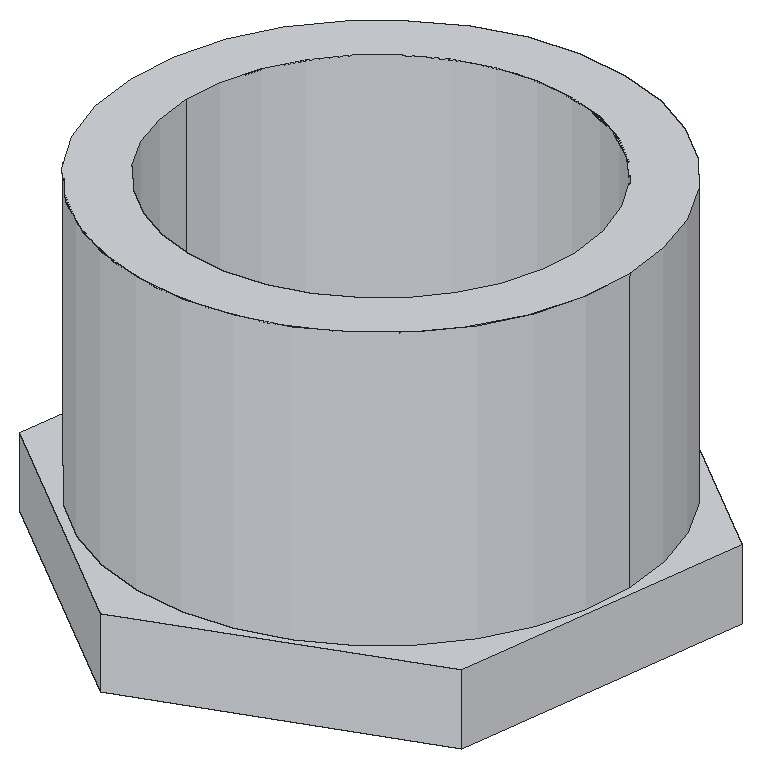
Revit family "HR4G", category Generic Models, Revit 2017
Family settings
  Can host rebar = No
  Round Connector Dimension = Use Diameter
  Part Type = Normal
  Work Plane-Based = Yes
  Always vertical = No
  Cut with Voids When Loaded = No
  Shared = No
  Room Calculation Point = No
Parameters (values of type "NBS Standard Parameters")
  Weight = "0.100Kg"
  WarrantyStartDate [instance] = "1900-12-31T23:59:59"
  WarrantyGuarantorParts = "n/a"
  WarrantyGuarantorLabor = "n/a"
  WarrantyDurationUnit = "1 year"
  WarrantyDurationParts = "n/a"
  WarrantyDurationLabor = "n/a"
  WarrantyDescription = "n/a"
  Version = "1"
  Uniclass2 = "Pr_65_70_11_20"
  TagNumber [instance] = "n/a"
  SustainabilityPerformance = "n/a"
  Size = "32mm"
  Shape = "Circular"
  SerialNumber [instance] = "n/a"
  Revision = "n/a"
  ReplacementCost = "n/a"
  ProductInformation = "www.metpro.co.uk/pdf/hr4g.pdf"
  NominalWidth = 32.8 mm
  NominalLength = 32.8 mm
  NominalHeight = 22.2 mm
  Name = ""
  NBSTypeID = ""
  NBSReference = "90-55-10/460"
  NBSOfficeMasterTag = ""
  NBSNote = ""
  NBSDescription = "Conduit Fittings"
  NBSCertification = ""
  ModelReference = "HR4G"
  ModelNumber = "n/a"
  Material = "Mild Steel"
  ManufacturerURL = "www.metpro.co.uk"
  ManufacturerName = "Metpro Ltd"
  Keynote = "Compliant to LU Standard 1-085"
  InstallationDate [instance] = "1900-12-31T23:59:59"
  IfcExportType = ""
  IfcExportAs = ""
  Grade = "n/a"
  Finish = "BZP"
  Features = "n/a"
  ExpectedLife = "n/a"
  DurationUnit = "year"
  Description = "HR4G  32 - 25mm Conduit Reducer"
  Default Elevation = 1219.2 mm
  Constituents = "n/a"
  Color = "n/a"
  CodePerformance = "n/a"
  Category = "n/a"
  BarCode [instance] = "n/a"
  BIMObjectName = "Metpro_Metprolibrary_Conduitfittings_Metalcomponents_Steelaccessories"
  Author = "Metpro Limited"
  AssetType = ""
  AssetIdentifier [instance] = "n/a"
  AccessibilityPerformance = "n/a"
Reference planes
  plane 1 "Center (Front/Back)": y = 0
  plane 2: z = 0
  plane 3 "Center (Left/Right)": x = 0
Forms (mm)
  Extrusion 1, solid
    sketch origin (-11.449, -7.188, 21.419) x (0, -1, 0) y (1, 0, 0)
      loop
        circle (-3.24, 0.039) r 12.5
      loop
        line (8.69, 14.772) -> (-10.034, 17.737) -> (-21.964, 3.005) -> (-15.17, -14.693) -> (3.553, -17.658) -> (15.483, -2.926) -> (8.69, 14.772)
    from 0 to 4.5
  Extrusion 2, solid
    sketch origin (-11.449, -7.188, 21.419) x (0, -1, 0) y (1, 0, 0)
      loop
        circle (-3.24, 0.039) r 12.5
      loop
        circle (-3.24, 0.039) r 16
    from 2.641 to 22.47
Dimensions and locks
  aligned and locked: level to plane 2
